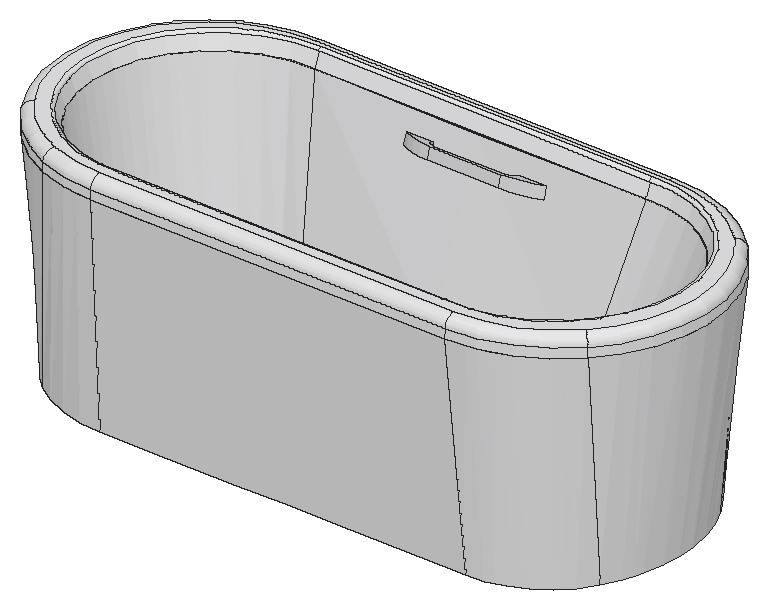
Revit family "Bath-Freestanding_Whirlpool-KOHLER-SAPPHIRE-K-18262T_1", category Plumbing Fixtures, host Face, Revit 2017
Family settings
  Host = Face
  Round Connector Dimension = Use Diameter
  Part Type = Normal
  OmniClass Number = 23.31.15.00
  OmniClass Title = Bathtubs
  Cut with Voids When Loaded = No
  Shared = No
  Room Calculation Point = No
Parameters (values of type "0-White")
  Width = 29.52756"  # constant formula
  WaterSense Certified = 1 = 0  # no
  Waste Water Outlet = "Waste Water Outlet"  # constant formula
  Waste Connection = 1 = 1  # yes
  Vent Connection = 1 = 0  # no
  URL = "http://www.kohler.com.cn/"
  Product Page URL = "https://www.kohler.com.cn/product/K-18262T-0/K-18262T-0/"
  Product Name = "SAPPHIRE"  # constant formula
  Product Documentation Link = "https://files.kohler.com.cn/pdfs/k_18262t.pdf"
  Model = "K-18262T-0"  # constant formula
  Material = "Acrylic"  # constant formula
  Master Format 2014 Name = "Residential Bathtubs"  # constant formula
  Master Format 2014 = "22 41 19"  # constant formula
  Manufacturer Address = "Kohler Beijing Office (100016)\r\n36-2-03-B, No. 88, Liuxiang Road, Beijing"  # constant formula
  Manufacturer = "KOHLER Co."  # constant formula
  Length = 65.35433"  # constant formula
  Hot Water Inlet = "Hot Water Inlet"  # constant formula
  Height = 24.52362"  # constant formula
  HW Connection = 1 = 0  # no
  Finish = KOHLER-Acrylic-0-White
  Environmental Product Declaration = ""
  Drain Included = 1 = 1  # yes
  Description = "Sophie Freestanding Bath (with drain)\r\n"  # constant formula
  Default Elevation = 0"
  Declare Label = ""
  Date Modified = "01/29/2021"  # constant formula
  Date Created = "01/29/2021"  # constant formula
  Copyright = "Copyright KOHLER Co."  # constant formula
  Contact Us = "http://www.kohler.com.cn/contact/contact-us/"
  Cold Water Inlet = "Cold Water Inlet"  # constant formula
  CW Connection = 1 = 0  # no
  Assembly Code = "D2010500"
  ADA Compliant = 1 = 0  # no
Reference planes (in)
  plane 1 "Center (Front/Back)": y = 0
  plane 2: z = 0
  plane 3 "Center (Left/Right)": x = 0
  plane 4: y = 14.76378
  plane 5: y = -14.76378
  plane 6: x = -32.67717
  plane 7: x = 32.67717
  plane 8: y = 8.46457
  plane 9: y = -8.46457
  plane 10: y = 11.90945
  plane 11: y = -11.90945
  plane 12: x = -17.91339
  plane 13: z = 24.52362
  plane 14: z = 0.70472
  plane 15: z = 22.55512
  plane 16: x = 17.91339
  plane 17: x = -25.54921
  plane 18: x = 25.54921
  plane 19: x = -21.49594
  plane 20: x = 19.44894
Dimensions and locks (in)
  plane 6 to plane 12 = 14.76378"  (x2)
  plane 13 to plane 15 = 1.9685"
  plane 8 to plane 9 = 16.92913"
  plane 13 to level = 24.52362"
  plane 17 to plane 18 = 51.09843"
  plane 10 to plane 11 = 23.8189"
  "Height": plane 13 to level
  plane 4 to plane 1 "Center (Front/Back)" = 14.76378"
  "Length": plane 6 to plane 7
  "Width": plane 4 to plane 5
  aligned and locked: plane 2 to host face
  aligned and locked: level to host face
Automatic sketch dimensions
  host sketch curve to host sketch curve = 96"  (x2)
Nested families (in)
  nested 1: "K-18262T" at (0, 0, 0), type "K-18262T"
Connectors (in)
  piping at (-17.91339, 0, 3.12583), diameter 1.9685, driven by "Waste Connection", driven by "Waste Water Outlet"
    settings: on nested 1, index 1, connector inside diameter 24", connector length 0", flow factor 0, pipe flow 0 GPM, pressure drop 0.00 psi, fitting loss kfactor 0, connector angle 0.00°, fixture units 0, engagement length 0", angle of deflection 0.00°, flow configuration 0, flow direction 2, fitting loss method 0, system type 16, joint type 0, gender type 0, connector reference index -1, connector utility 1, adjustable connector no, is connector primary yes, connector description "Waste Water Outlet"
Definition of nested family "K-18262T"
  Parameters (values of type "K-18262T")
    Material = none
  Reference planes (in)
    plane 1 "Center (Front/Back)": y = 0
    plane 2: z = 0
    plane 3 "Center (Left/Right)": x = 0
    plane 4: y = 14.76378
    plane 5: y = -14.76378
    plane 6: x = 32.67717
    plane 7: x = -32.67717
    plane 8: y = 11.90945
    plane 9: y = -11.90945
    plane 10: z = 24.52362
    plane 11: z = 0.70472
    plane 12: y = 8.46457
    plane 13: y = -8.46457
    plane 14: x = -25.54921
    plane 15: x = 25.54921
  Forms (in)
    Blend 1, void
      base sketch origin (0, 0, 0) x (1, 0, 0) y (0, 1, 0)
        loop
          arc (-16.30827, 9.31895) -> (-26.93995, -0.19682) -> (-16.17205, -9.55816) r 9.51314
          arc (-16.17205, -9.55816) -> (-2.05673, -8.48726) -> (12.08922, -9.01727) r 125.14888
          arc (12.08922, -9.01727) -> (22.00379, 0.02095) -> (12.0599, 9.0269) r 9.06354
          arc (12.0599, 9.0269) -> (-2.13205, 8.40921) -> (-16.30827, 9.31895) r 132.10619
      top sketch origin (0, 0, 0) x (1, 0, 0) y (0, 1, 0)
        loop
          arc (-17.07164, 12.0816) -> (-29.60246, -0.27947) -> (-16.43526, -11.96034) r 12.05187
          arc (-16.43526, -11.96034) -> (-0.29352, -11.20264) -> (15.84939, -11.93506) r 175.242
          arc (15.84939, -11.93506) -> (28.96617, -0.28184) -> (16.48691, 12.05168) r 12.02291
          arc (16.48691, 12.05168) -> (-0.29266, 11.73764) -> (-17.07164, 12.0816) r 428.04128
      from 5.40686 to 22.94882
    Blend 2, solid, material <- "Material", detail levels medium+fine
      base sketch origin (0, 0, 0) x (1, 0, 0) y (0, 1, 0)
        loop
          arc (-16.21489, 10.09961) -> (-27.45475, -0.36217) -> (-15.73453, -10.28284) r 10.26642
          arc (-15.73453, -10.28284) -> (-1.06176, -9.15644) -> (13.63203, -9.96359) r 111.99359
          arc (13.63203, -9.96359) -> (24.87793, -0.15723) -> (13.94994, 10.0022) r 10.03914
          arc (13.94994, 10.0022) -> (-1.13471, 9.35654) -> (-16.21489, 10.09961) r 164.15303
      top sketch origin (0, 0, 0) x (1, 0, 0) y (0, 1, 0)
        loop
          arc (-17.01, 12.56904) -> (-29.91071, -0.1727) -> (-16.71626, -12.61001) r 12.59843
          arc (-16.71626, -12.61001) -> (-0.11385, -12.21869) -> (16.48835, -12.61874) r 348.49799
          arc (16.48835, -12.61874) -> (29.68933, -0.18836) -> (16.79533, 12.56016) r 12.59843
          arc (16.79533, 12.56016) -> (-0.10739, 12.36344) -> (-17.01, 12.56904) r 710.23622
      from 4.43465 to 22.94882
    Sweep 3, solid, material <- "Material", detail levels medium+fine
      path origin (0, 0, 0) x (1, 0, 0) y (0, 1, 0)
        loop
          arc (12.53378, 9.07401) -> (-1.89395, 8.40698) -> (-16.30827, 9.31895) r 132.10619
          arc (-16.30827, 9.31895) -> (-26.93995, -0.19682) -> (-16.17205, -9.55816) r 9.51314
          arc (-16.17205, -9.55816) -> (-1.81951, -8.48295) -> (12.56157, -9.06273) r 125.14888
          arc (12.56157, -9.06273) -> (22.565, 0.02099) -> (12.53378, 9.07401) r 9.11333
      profile origin (22.565, 0.02099, 0) x (-0.999999, -0.001532, 0) y (0, 0, 1)
        loop
          arc (3.80304, 5.26951) -> (0.63643, 6.18509) -> (-1.39107, 8.78411) r 5.34565
          line (-1.39107, 8.78411) -> (-0.11186, 5.26951) -> (3.80304, 5.26951)
    Sweep 4, solid, material <- "Material", detail levels medium+fine
      path origin (0, 0, 0) x (1, 0, 0) y (0, 1, 0)
        loop
          arc (-16.43526, -11.96034) -> (-0.29352, -11.20264) -> (15.84939, -11.93506) r 175.242
          arc (15.84939, -11.93506) -> (28.96617, -0.28184) -> (16.48691, 12.05168) r 12.02291
          arc (16.48691, 12.05168) -> (-0.29266, 11.73764) -> (-17.07164, 12.0816) r 428.04128
          arc (-17.07164, 12.0816) -> (-29.60246, -0.27947) -> (-16.43526, -11.96034) r 12.05187
      profile origin (28.96617, -0.28184, 0) x (-0.999647, 0.026569, 0) y (0, 0, 1)
        loop
          arc (-0.52833, 24.27295) -> (-0.67309, 24.45366) -> (-0.8944, 24.52175) r 0.3937
          line (-0.8944, 24.52175) -> (-1.00886, 24.52175) -> (-1.00886, 22.94882) -> (-0.00423, 22.94882) -> (-0.52833, 24.27295)
    Extrusion 5, solid, material <- "Material", detail levels medium+fine
      sketch origin (0, 0, 0) x (1, 0, 0) y (0, 1, 0)
        loop
          line (-15.01574, -10.65548) -> (-7.07089, -10.65548) -> (-7.07089, 10.87498) -> (-15.01574, 10.87498) -> (-15.01574, -10.65548)
        loop
          line (15.01574, 10.87498) -> (7.07089, 10.87498) -> (7.07089, -10.65548) -> (15.01574, -10.65548) -> (15.01574, 10.87498)
      from 0.70472 to 1.33465
    Extrusion 6, solid, material <- "Material", detail levels medium+fine
      sketch origin (0, 0, 0) x (1, 0, 0) y (0, 1, 0)
        loop
          line (-25.82665, -5.01969) -> (-22.0865, -5.01969) -> (-22.0865, -9.74409) -> (-21.10224, -9.74409) -> (-21.10224, -5.01969) -> (18.85839, -5.01969) -> (18.85839, -9.74409) -> (19.84264, -9.74409) -> (19.84264, 9.74409) -> (18.85839, 9.74409) -> (18.85839, 5.01969) -> (-21.10224, 5.01969) -> (-21.10224, 9.74409) -> (-22.0865, 9.74409) -> (-22.0865, 5.01969) -> (-25.82665, 5.01969) -> (-25.82665, -5.01969)
        loop
          line (-0.43295, -4.03543) -> (-0.43295, 4.03543) -> (-24.8424, 4.03543) -> (-24.8424, -4.03543) -> (-0.43295, -4.03543)
        loop
          line (16.29933, -4.03543) -> (16.29933, 4.03543) -> (0.5513, 4.03543) -> (0.5513, -4.03543) -> (16.29933, -4.03543)
        loop
          line (17.28358, -4.03543) -> (18.85839, -4.03543) -> (18.85839, 4.03543) -> (17.28358, 4.03543) -> (17.28358, -4.03543)
      from 2.87008 to 3.85433
    Extrusion 7, solid, material <- "Material", detail levels medium+fine
      sketch origin (0, 0, 0) x (1, 0, 0) y (0, 0, 1)
        loop
          line (-22.62006, 0.11811) -> (-23.87783, 0.11811) -> (-23.87783, 0) -> (-22.51092, 0)
          arc (-22.51092, 0) -> (-22.47528, 0.01477) -> (-22.46051, 0.05041) r 0.05041
          line (-22.46051, 0.05041) -> (-22.46051, 1.25789)
          arc (-22.46051, 1.25789) -> (-22.44841, 1.28711) -> (-22.41919, 1.29921) r 0.04132
          line (-22.41919, 1.29921) -> (-20.57473, 1.29921)
          arc (-20.57473, 1.29921) -> (-20.54407, 1.28652) -> (-20.53138, 1.25586) r 0.04335
          line (-20.53138, 1.25586) -> (-20.53138, 0) -> (-19.11405, 0) -> (-19.11405, 0.11811) -> (-20.41327, 0.11811) -> (-20.41327, 1.41732) -> (-22.53629, 1.41732)
          arc (-22.53629, 1.41732) -> (-22.56622, 1.40492) -> (-22.57862, 1.37499) r 0.04233
          line (-22.57862, 1.37499) -> (-22.57862, 0.15954)
          arc (-22.57862, 0.15954) -> (-22.59076, 0.13025) -> (-22.62006, 0.11811) r 0.04143
        loop
          line (20.53161, 0.11811) -> (20.53161, 1.41732) -> (18.40854, 1.41732)
          arc (18.40854, 1.41732) -> (18.37864, 1.40494) -> (18.36626, 1.37504) r 0.04228
          line (18.36626, 1.37504) -> (18.36626, 0.16015)
          arc (18.36626, 0.16015) -> (18.35395, 0.13042) -> (18.32422, 0.11811) r 0.04204
          line (18.32422, 0.11811) -> (17.06705, 0.11811) -> (17.06705, 0) -> (18.44461, 0)
          arc (18.44461, 0) -> (18.47272, 0.01165) -> (18.48437, 0.03977) r 0.03977
          line (18.48437, 0.03977) -> (18.48437, 1.25983)
          arc (18.48437, 1.25983) -> (18.4959, 1.28768) -> (18.52375, 1.29921) r 0.03938
          line (18.52375, 1.29921) -> (20.37015, 1.29921)
          arc (20.37015, 1.29921) -> (20.40081, 1.28651) -> (20.4135, 1.25586) r 0.04336
          line (20.4135, 1.25586) -> (20.4135, 0) -> (21.83083, 0) -> (21.83083, 0.11811) -> (20.53161, 0.11811)
      from 7.67717 to 9.25197
    Revolve 8, solid, material <- "Material", detail levels medium+fine
      sketch origin (0.09843, 8.45953, 0.00674) x (1, 0, 0) y (0, 0, 1)
        loop
          line (-21.59437, 4.12992) -> (-21.59437, 0.31102) -> (-20.61012, 0.31102) -> (-20.61012, 0.81697)
          arc (-20.61012, 0.81697) -> (-20.64643, 0.90463) -> (-20.73409, 0.94094) r 0.12397
          line (-20.73409, 0.94094) -> (-21.04319, 0.94094) -> (-21.04319, 1) -> (-21.20719, 1) -> (-21.20719, 1.41732) -> (-21.40404, 1.41732) -> (-21.40404, 2.59449) -> (-21.24004, 2.59449) -> (-21.24004, 2.87008) -> (-21.10224, 2.87008) -> (-21.10224, 3.85433) -> (-21.40404, 3.85433) -> (-21.40404, 4.12992) -> (-21.59437, 4.12992)
        axis (-21.59437, 4.12992) -> (-21.59437, 0.31102)
      angle from 0 to 360
    Extrusion 9, solid, material <- "Material", detail levels medium+fine
      sketch origin (0, 0, 0) x (1, 0, 0) y (0, 0, -1)
        loop
          arc (-22.62006, -0.11811) -> (-22.59076, -0.13025) -> (-22.57862, -0.15954) r 0.04143
          line (-22.57862, -0.15954) -> (-22.57862, -1.37499)
          arc (-22.57862, -1.37499) -> (-22.56622, -1.40492) -> (-22.53629, -1.41732) r 0.04233
          line (-22.53629, -1.41732) -> (-20.41327, -1.41732) -> (-20.41327, -0.11811) -> (-19.11405, -0.11811) -> (-19.11405, 0) -> (-20.53138, 0) -> (-20.53138, -1.25586)
          arc (-20.53138, -1.25586) -> (-20.54407, -1.28652) -> (-20.57473, -1.29921) r 0.04335
          line (-20.57473, -1.29921) -> (-22.41919, -1.29921)
          arc (-22.41919, -1.29921) -> (-22.44841, -1.28711) -> (-22.46051, -1.25789) r 0.04132
          line (-22.46051, -1.25789) -> (-22.46051, -0.05041)
          arc (-22.46051, -0.05041) -> (-22.47528, -0.01477) -> (-22.51092, 0) r 0.05041
          line (-22.51092, 0) -> (-23.87783, 0) -> (-23.87783, -0.11811) -> (-22.62006, -0.11811)
        loop
          line (20.53161, -0.11811) -> (21.83083, -0.11811) -> (21.83083, 0) -> (20.4135, 0) -> (20.4135, -1.25586)
          arc (20.4135, -1.25586) -> (20.40081, -1.28651) -> (20.37015, -1.29921) r 0.04336
          line (20.37015, -1.29921) -> (18.52375, -1.29921)
          arc (18.52375, -1.29921) -> (18.4959, -1.28768) -> (18.48437, -1.25983) r 0.03938
          line (18.48437, -1.25983) -> (18.48437, -0.03977)
          arc (18.48437, -0.03977) -> (18.47272, -0.01165) -> (18.44461, 0) r 0.03977
          line (18.44461, 0) -> (17.06705, 0) -> (17.06705, -0.11811) -> (18.32422, -0.11811)
          arc (18.32422, -0.11811) -> (18.35395, -0.13042) -> (18.36626, -0.16015) r 0.04204
          line (18.36626, -0.16015) -> (18.36626, -1.37504)
          arc (18.36626, -1.37504) -> (18.37864, -1.40494) -> (18.40854, -1.41732) r 0.04228
          line (18.40854, -1.41732) -> (20.53161, -1.41732) -> (20.53161, -0.11811)
      from 7.67717 to 9.25197
    Revolve 10, solid, material <- "Material", detail levels medium+fine
      sketch origin (0.09843, -8.45953, 0.00674) x (1, 0, 0) y (0, 0, -1)
        loop
          line (-21.59437, -4.12992) -> (-21.40404, -4.12992) -> (-21.40404, -3.85433) -> (-21.10224, -3.85433) -> (-21.10224, -2.87008) -> (-21.24004, -2.87008) -> (-21.24004, -2.59449) -> (-21.40404, -2.59449) -> (-21.40404, -1.41732) -> (-21.20719, -1.41732) -> (-21.20719, -1) -> (-21.04319, -1) -> (-21.04319, -0.94094) -> (-20.73409, -0.94094)
          arc (-20.73409, -0.94094) -> (-20.64643, -0.90463) -> (-20.61012, -0.81697) r 0.12397
          line (-20.61012, -0.81697) -> (-20.61012, -0.31102) -> (-21.59437, -0.31102) -> (-21.59437, -4.12992)
        axis (-21.59437, -4.12992) -> (-21.59437, -0.31102)
      angle from 0 to 360
    Revolve 11, solid, material <- "Material", detail levels medium+fine
      sketch origin (-2.14075, 8.45953, 0.00674) x (-1, 0, 0) y (0, 0, -1)
        loop
          line (-21.59437, -4.12992) -> (-21.40404, -4.12992) -> (-21.40404, -3.85433) -> (-21.10224, -3.85433) -> (-21.10224, -2.87008) -> (-21.24004, -2.87008) -> (-21.24004, -2.59449) -> (-21.40404, -2.59449) -> (-21.40404, -1.41732) -> (-21.20719, -1.41732) -> (-21.20719, -1) -> (-21.04319, -1) -> (-21.04319, -0.94094) -> (-20.73409, -0.94094)
          arc (-20.73409, -0.94094) -> (-20.64643, -0.90463) -> (-20.61012, -0.81697) r 0.12397
          line (-20.61012, -0.81697) -> (-20.61012, -0.31102) -> (-21.59437, -0.31102) -> (-21.59437, -4.12992)
        axis (-21.59437, -4.12992) -> (-21.59437, -0.31102)
      angle from 0 to 360
    Revolve 12, solid, material <- "Material", detail levels medium+fine
      sketch origin (-2.14075, -8.45953, 0.00674) x (-1, 0, 0) y (0, 0, 1)
        loop
          line (-21.59437, 4.12992) -> (-21.59437, 0.31102) -> (-20.61012, 0.31102) -> (-20.61012, 0.81697)
          arc (-20.61012, 0.81697) -> (-20.64643, 0.90463) -> (-20.73409, 0.94094) r 0.12397
          line (-20.73409, 0.94094) -> (-21.04319, 0.94094) -> (-21.04319, 1) -> (-21.20719, 1) -> (-21.20719, 1.41732) -> (-21.40404, 1.41732) -> (-21.40404, 2.59449) -> (-21.24004, 2.59449) -> (-21.24004, 2.87008) -> (-21.10224, 2.87008) -> (-21.10224, 3.85433) -> (-21.40404, 3.85433) -> (-21.40404, 4.12992) -> (-21.59437, 4.12992)
        axis (-21.59437, 4.12992) -> (-21.59437, 0.31102)
      angle from 0 to 360
    Revolve 13, solid, detail levels medium+fine
      sketch origin (0, 0, 0) x (1, 0, 0) y (0, 0, 1)
        loop
          line (-18.54331, 5.25575) -> (-18.54331, 5.17701) -> (-18.07087, 5.17701) -> (-18.07087, 3.62189) -> (-18.00546, 3.62189) -> (-18.00546, 3.22819) -> (-18.07087, 3.22819) -> (-18.07087, 3.12583) -> (-17.91339, 3.12583) -> (-17.91339, 5.63394)
          arc (-17.91339, 5.63394) -> (-18.41722, 5.59489) -> (-18.90902, 5.47865) r 3.2694
          arc (-18.90902, 5.47865) -> (-18.92503, 5.45273) -> (-18.90189, 5.43291) r 0.02343
          line (-18.90189, 5.43291) -> (-18.47788, 5.43291) -> (-18.47788, 5.25575) -> (-18.54331, 5.25575)
        axis (-17.91339, 3.12583) -> (-17.91339, 5.63394)
      angle from 0 to 360
    Revolve 14, solid, material <- "Material", detail levels medium+fine
      sketch origin (-17.91339, 0, 0) x (0, 1, 0) y (0, 0, 1)
        loop
          line (0.98425, 4.24803) -> (1.14, 4.24803) -> (1.14, 4.31048)
          arc (1.14, 4.31048) -> (1.18016, 4.40149) -> (1.27446, 4.43318) r 0.12321
          arc (1.27446, 4.43318) -> (1.37463, 4.42897) -> (1.47472, 4.43465) r 1.01628
          arc (1.47472, 4.43465) -> (1.94132, 4.54269) -> (2.36819, 4.75984) r 1.97543
          line (2.36819, 4.75984) -> (2.36819, 4.43465) -> (2.71273, 4.43465) -> (2.71273, 4.94367) -> (2.4076, 4.94367)
          arc (2.4076, 4.94367) -> (2.24222, 4.90387) -> (2.09197, 4.82414) r 0.67769
          arc (2.09197, 4.82414) -> (1.80826, 4.67595) -> (1.49567, 4.60711) r 1.21315
          line (1.49567, 4.60711) -> (1.05688, 4.56996)
          arc (1.05688, 4.56996) -> (1.00517, 4.5446) -> (0.98425, 4.49093) r 0.07931
          line (0.98425, 4.49093) -> (0.98425, 4.24803)
        axis (0, 4.94367) -> (0, 4.24803)
      angle from 0 to 360
    Extrusion 15, solid, detail levels medium+fine
      sketch origin (-0.02489, 4.25602, 4.19691) x (-1, 0, 0) y (0, -0.26231, 0.964984)
        loop
          arc (0.4635, 21.76613) -> (0, 21.83974) -> (-0.4635, 21.76613) r 1.49606
          arc (-0.4635, 21.76613) -> (-0.6823, 21.52546) -> (-1.00013, 21.45631) r 0.53418
          arc (-1.00013, 21.45631) -> (-1.30556, 21.07424) -> (-1.47143, 20.61407) r 1.49606
          arc (-1.47143, 20.61407) -> (-1.4267, 20.34368) -> (-1.47143, 20.07329) r 0.83965
          arc (-1.47143, 20.07329) -> (0, 18.84762) -> (1.47143, 20.07329) r 1.49606
          arc (1.47143, 20.07329) -> (1.4267, 20.34368) -> (1.47143, 20.61407) r 0.83965
          arc (1.47143, 20.61407) -> (1.30556, 21.07424) -> (1.00013, 21.45631) r 1.49606
          arc (1.00013, 21.45631) -> (0.6823, 21.52546) -> (0.4635, 21.76613) r 0.53418
      from -11.00218 to -9.69597
    Extrusion 16, solid, detail levels medium+fine
      sketch origin (0, -5.36509, 3.8347) x (1, 0, 0) y (0, 0.961262, -0.275637)
        loop
          line (-4.36807, 11.17133) -> (-7.04724, 11.16849)
          arc (-7.04724, 11.16849) -> (-5.46975, 10.23333) -> (-3.67359, 9.86344) r 5.54868
          arc (-3.67359, 9.86344) -> (-0.08182, 9.79684) -> (3.50995, 9.86344) r 96.88567
          arc (3.50995, 9.86344) -> (5.38268, 10.23384) -> (7.04724, 11.16849) r 6.05938
          line (7.04724, 11.16849) -> (4.36807, 11.17133)
          arc (4.36807, 11.17133) -> (4.17508, 10.49004) -> (3.53191, 10.19384) r 0.84638
          line (3.53191, 10.19384) -> (-3.53191, 10.19384)
          arc (-3.53191, 10.19384) -> (-4.17508, 10.49004) -> (-4.36807, 11.17133) r 0.84638
      from 20.05972 to 21.20549
    Blend 17, solid, material <- "Material", detail levels medium+fine
      base sketch origin (-0.12245, -0.18978, 0) x (1, 0, 0) y (0, 1, 0)
        loop
          arc (-26.39009, 10.27682) -> (-28.74274, 7.42461) -> (-29.68879, 3.8504) r 8.646
          arc (-29.68879, 3.8504) -> (-29.77211, 0) -> (-29.68879, -3.8504) r 89.00569
          arc (-29.68879, -3.8504) -> (-28.74274, -7.42461) -> (-26.39009, -10.27682) r 8.646
          arc (-26.39009, -10.27682) -> (-22.64606, -12.31833) -> (-18.44051, -13.02467) r 12.87308
          line (-18.44051, -13.02467) -> (18.56736, -13.02467)
          arc (18.56736, -13.02467) -> (23.93674, -11.58421) -> (27.86416, -7.64968) r 10.72755
          arc (27.86416, -7.64968) -> (29.90893, 0) -> (27.86416, 7.64968) r 15.33141
          arc (27.86416, 7.64968) -> (23.93674, 11.58421) -> (18.56736, 13.02467) r 10.72755
          line (18.56736, 13.02467) -> (-18.44051, 13.02467)
          arc (-18.44051, 13.02467) -> (-22.64606, 12.31833) -> (-26.39009, 10.27682) r 12.87308
      top sketch origin (-0.12245, -0.18978, 0) x (1, 0, 0) y (0, 1, 0)
        loop
          line (-17.91339, -14.76378) -> (17.91338, -14.76378)
          arc (17.91338, -14.76378) -> (23.74793, -13.55501) -> (28.62201, -10.1277) r 14.68568
          arc (28.62201, -10.1277) -> (32.62997, 0) -> (28.62201, 10.1277) r 14.79981
          arc (28.62201, 10.1277) -> (23.74793, 13.55501) -> (17.91338, 14.76378) r 14.68568
          line (17.91338, 14.76378) -> (-17.91339, 14.76378)
          arc (-17.91339, 14.76378) -> (-21.65858, 14.2846) -> (-25.1625, 12.87793) r 14.87553
          arc (-25.1625, 12.87793) -> (-27.90852, 10.90545) -> (-30.1382, 8.36383) r 14.87553
          arc (-30.1382, 8.36383) -> (-32.75397, 0) -> (-30.1382, -8.36383) r 14.6794
          arc (-30.1382, -8.36383) -> (-27.28816, -11.43793) -> (-23.69363, -13.59482) r 14.87553
          arc (-23.69363, -13.59482) -> (-20.86201, -14.46861) -> (-17.91339, -14.76378) r 14.87553
      from 0.64125 to 22.55512
    Blend 18, void
      base sketch origin (-0.12245, -0.45171, 0) x (1, 0, 0) y (0, 1, 0)
        loop
          arc (-17.55334, 11.97533) -> (-29.10202, 0.42666) -> (-17.55334, -11.12202) r 11.54868
          line (-17.55334, -11.12202) -> (17.52826, -11.12202)
          arc (17.52826, -11.12202) -> (29.07694, 0.42666) -> (17.52826, 11.97533) r 11.54868
          line (17.52826, 11.97533) -> (-17.55334, 11.97533)
      top sketch origin (-0.12245, -0.45171, 0) x (1, 0, 0) y (0, 1, 0)
        loop
          arc (17.09113, -13.83102) -> (31.04364, 0.12149) -> (17.09113, 14.074) r 13.95251
          line (17.09113, 14.074) -> (-17.73449, 14.074)
          arc (-17.73449, 14.074) -> (-31.687, 0.12149) -> (-17.73449, -13.83102) r 13.95251
          line (-17.73449, -13.83102) -> (17.09113, -13.83102)
      from 0.64125 to 22.55512
    Sweep 19, solid, material <- "Material", detail levels medium+fine
      path origin (0, 0, 0) x (1, 0, 0) y (0, 1, 0)
        loop
          arc (-18.03584, 14.574) -> (-21.78103, 14.09482) -> (-25.28495, 12.68815) r 14.87553
          arc (-25.28495, 12.68815) -> (-28.03097, 10.71567) -> (-30.26065, 8.17404) r 14.87553
          arc (-30.26065, 8.17404) -> (-32.87642, -0.18978) -> (-30.26065, -8.55361) r 14.6794
          arc (-30.26065, -8.55361) -> (-27.41061, -11.62771) -> (-23.81608, -13.78461) r 14.87553
          arc (-23.81608, -13.78461) -> (-20.98447, -14.65839) -> (-18.03584, -14.95356) r 14.87553
          line (-18.03584, -14.95356) -> (17.79093, -14.95356)
          arc (17.79093, -14.95356) -> (23.62548, -13.7448) -> (28.49956, -10.31749) r 14.68568
          arc (28.49956, -10.31749) -> (32.50752, -0.18978) -> (28.49956, 9.93792) r 14.79981
          arc (28.49956, 9.93792) -> (23.62548, 13.36523) -> (17.79093, 14.574) r 14.68568
          line (17.79093, 14.574) -> (-18.03584, 14.574)
      profile origin (32.50752, -0.18978, 0) x (-1, 0, 0) y (0, 0, 1)
        loop
          line (1.09481, 22.55512) -> (1.09481, 24.52175)
          arc (1.09481, 24.52175) -> (0.35708, 24.22567) -> (0.02874, 23.50171) r 1.06711
          line (0.02874, 23.50171) -> (-0.01305, 22.55512) -> (1.09481, 22.55512)
    Extrusion 20, solid, material <- "Material", detail levels medium+fine
      sketch origin (0, 0, 0) x (1, 0, 0) y (0, 1, 0)
        loop
          arc (17.79093, -13.85875) -> (23.19052, -12.7401) -> (27.70123, -9.56829) r 13.59087
          arc (27.70123, -9.56829) -> (31.41271, -0.18978) -> (27.70123, 9.18873) r 13.705
          arc (27.70123, 9.18873) -> (23.19052, 12.36053) -> (17.79093, 13.47919) r 13.59087
          line (17.79093, 13.47919) -> (-18.03584, 13.47919)
          arc (-18.03584, 13.47919) -> (-21.50539, 13.03527) -> (-24.75143, 11.73213) r 13.78072
          arc (-24.75143, 11.73213) -> (-27.29535, 9.90482) -> (-29.36092, 7.55026) r 13.78072
          arc (-29.36092, 7.55026) -> (-31.7816, -0.18978) -> (-29.36092, -7.92982) r 13.58458
          arc (-29.36092, -7.92982) -> (-26.72064, -10.77767) -> (-23.39066, -12.77583) r 13.78072
          arc (-23.39066, -12.77583) -> (-20.76745, -13.58531) -> (-18.03584, -13.85875) r 13.78072
          line (-18.03584, -13.85875) -> (17.79093, -13.85875)
        loop
          arc (-17.03119, 13.08966) -> (-30.61097, -0.30616) -> (-16.34155, -12.96484) r 13.06073
          arc (-16.34155, -12.96484) -> (-0.29273, -12.21151) -> (15.75724, -12.93971) r 174.23314
          arc (15.75724, -12.93971) -> (29.97467, -0.30864) -> (16.44826, 13.0598) r 13.03177
          arc (16.44826, 13.0598) -> (-0.29176, 12.7465) -> (-17.03119, 13.08966) r 427.03242
      from 22.55512 to 24.52175
    Sweep 21, solid, material <- "Material", detail levels coarse
      path origin (0, 0, 0) x (1, 0, 0) y (0, 1, 0)
        loop
          arc (-18.03584, 14.574) -> (-21.78103, 14.09482) -> (-25.28495, 12.68815) r 14.87553
          arc (-25.28495, 12.68815) -> (-28.03097, 10.71567) -> (-30.26065, 8.17404) r 14.87553
          arc (-30.26065, 8.17404) -> (-32.87642, -0.18978) -> (-30.26065, -8.55361) r 14.6794
          arc (-30.26065, -8.55361) -> (-27.41061, -11.62771) -> (-23.81608, -13.78461) r 14.87553
          arc (-23.81608, -13.78461) -> (-20.98447, -14.65839) -> (-18.03584, -14.95356) r 14.87553
          line (-18.03584, -14.95356) -> (17.79093, -14.95356)
          arc (17.79093, -14.95356) -> (23.62548, -13.7448) -> (28.49956, -10.31749) r 14.68568
          arc (28.49956, -10.31749) -> (32.50752, -0.18978) -> (28.49956, 9.93792) r 14.79981
          arc (28.49956, 9.93792) -> (23.62548, 13.36523) -> (17.79093, 14.574) r 14.68568
          line (17.79093, 14.574) -> (-18.03584, 14.574)
      profile origin (32.50752, -0.18978, 0) x (-1, 0, 0) y (0, 0, 1)
        loop
          line (2.34719, 0.48216) -> (12.69369, 0.48216) -> (12.69369, 3.43491) -> (5.51496, 3.43491) -> (3.06058, 24.7186) -> (-0.4477, 24.7186) -> (2.34719, 0.48216)
    Extrusion 22, solid, material <- "Material", detail levels coarse
      sketch origin (0, 0, 0) x (1, 0, 0) y (0, 1, 0)
        loop
          line (17.79093, 1.88031) -> (-18.03584, 1.88031)
          arc (-18.03584, 1.88031) -> (-18.58516, 1.81003) -> (-19.09909, 1.60371) r 2.18184
          arc (-19.09909, 1.60371) -> (-19.50186, 1.3144) -> (-19.82889, 0.94161) r 2.18184
          arc (-19.82889, 0.94161) -> (-20.18273, -0.18978) -> (-19.82889, -1.32117) r 1.98571
          arc (-19.82889, -1.32117) -> (-19.41087, -1.77206) -> (-18.88364, -2.08842) r 2.18184
          arc (-18.88364, -2.08842) -> (-18.46832, -2.21658) -> (-18.03584, -2.25988) r 2.18184
          line (-18.03584, -2.25988) -> (17.79093, -2.25988)
          arc (17.79093, -2.25988) -> (18.58234, -2.09592) -> (19.24347, -1.63103) r 1.992
          arc (19.24347, -1.63103) -> (19.81383, -0.18978) -> (19.24347, 1.25146) r 2.10612
          arc (19.24347, 1.25146) -> (18.58234, 1.71635) -> (17.79093, 1.88031) r 1.992
      from 0.48216 to 3.43491
  Cuts and joins
    Blend 1 cuts Blend 2
    Blend 18 cuts Blend 17
    joined: Sweep 4, Sweep 19, Extrusion 20
    joined: Sweep 21, Extrusion 22
  Lines and regions (in)
    Masking region 1
      outline origin (0, 0, 0) x (1, 0, 0) y (0, 1, 0)
        loop
          arc (-25.29131, 12.69954) -> (-28.03974, 10.72533) -> (-30.27137, 8.18148) r 14.88858
          arc (-30.27137, 8.18148) -> (-32.88947, -0.18978) -> (-30.27137, -8.56104) r 14.69245
          arc (-30.27137, -8.56104) -> (-27.41883, -11.63784) -> (-23.82115, -13.79663) r 14.88858
          arc (-23.82115, -13.79663) -> (-20.98705, -14.67119) -> (-18.03584, -14.96661) r 14.88858
          line (-18.03584, -14.96661) -> (17.79093, -14.96661)
          arc (17.79093, -14.96661) -> (23.63067, -13.75677) -> (28.50907, -10.32642) r 14.69873
          arc (28.50907, -10.32642) -> (32.52057, -0.18978) -> (28.50907, 9.94685) r 14.81286
          arc (28.50907, 9.94685) -> (23.63067, 13.37721) -> (17.79093, 14.58705) r 14.69873
          line (17.79093, 14.58705) -> (-18.03584, 14.58705)
          arc (-18.03584, 14.58705) -> (-21.78432, 14.10745) -> (-25.29131, 12.69954) r 14.88858
    Masking region 2
      outline origin (0, 0, 0) x (1, 0, 0) y (0, 0, 1)
        loop
          line (-29.89456, 0.64125) -> (-22.57862, 0.64125) -> (-22.57862, 0.15954)
          arc (-22.57862, 0.15954) -> (-22.59076, 0.13025) -> (-22.62006, 0.11811) r 0.04143
          line (-22.62006, 0.11811) -> (-23.87783, 0.11811) -> (-23.87783, 0) -> (-22.51092, 0)
          arc (-22.51092, 0) -> (-22.47528, 0.01477) -> (-22.46051, 0.05041) r 0.05041
          line (-22.46051, 0.05041) -> (-22.46051, 0.31776) -> (-20.53138, 0.31776) -> (-20.53138, 0) -> (-19.11405, 0) -> (-19.11405, 0.11811) -> (-20.41327, 0.11811) -> (-20.41327, 0.64125) -> (18.36626, 0.64125) -> (18.36626, 0.16015)
          arc (18.36626, 0.16015) -> (18.35395, 0.13042) -> (18.32422, 0.11811) r 0.04204
          line (18.32422, 0.11811) -> (17.06705, 0.11811) -> (17.06705, 0) -> (18.44461, 0)
          arc (18.44461, 0) -> (18.47272, 0.01165) -> (18.48437, 0.03977) r 0.03977
          line (18.48437, 0.03977) -> (18.48437, 0.31776) -> (20.4135, 0.31776) -> (20.4135, 0) -> (21.83083, 0) -> (21.83083, 0.11811) -> (20.53161, 0.11811) -> (20.53161, 0.64125) -> (29.78648, 0.64125) -> (32.52057, 22.55512) -> (32.46963, 23.52704)
          arc (32.46963, 23.52704) -> (32.14334, 24.23482) -> (31.41946, 24.52362) r 1.05162
          line (31.41946, 24.52362) -> (-31.88976, 24.52362)
          arc (-31.88976, 24.52362) -> (-32.55514, 24.20308) -> (-32.84556, 23.52402) r 1.05147
          line (-32.84556, 23.52402) -> (-32.88947, 22.55512) -> (-29.89456, 0.64125)
    Masking region 3
      outline origin (0, 0, 0) x (0, 1, 0) y (0, 0, 1)
        loop
          line (13.55319, 24.52362) -> (-13.94689, 24.52362)
          arc (-13.94689, 24.52362) -> (-14.63605, 24.21098) -> (-14.93416, 23.51541) r 1.04636
          line (-14.93416, 23.51541) -> (-14.9677, 22.55512) -> (-13.22858, 0.64125) -> (-9.44378, 0.64125) -> (-9.44378, 0.31776) -> (-9.25197, 0.31776) -> (-9.25197, 0) -> (-7.67717, 0) -> (-7.67717, 0.31776) -> (-7.47528, 0.31776) -> (-7.47528, 0.63918) -> (7.47528, 0.63918) -> (7.47528, 0.31776) -> (7.67717, 0.31776) -> (7.67717, 0) -> (9.25197, 0) -> (9.25197, 0.31776) -> (9.44378, 0.31776) -> (9.44378, 0.64125) -> (12.83488, 0.64125) -> (14.574, 22.55512) -> (14.54046, 23.51541)
          arc (14.54046, 23.51541) -> (14.24235, 24.21098) -> (13.55319, 24.52362) r 1.04636
    symbolic lines, detail levels medium+fine
      curve 1: arc (16.1726, 12.03975, 0) -> (-0.60738, 11.73804, 0) -> (-17.38629, 12.09434, 0) r 428.04128
      curve 2: arc (-16.43487, -11.96455, 0) -> (-29.60149, -0.43697, 0) -> (-17.38629, 12.09434, 0) r 12.0561
      curve 3: arc (-16.43487, -11.96455, 0) -> (-0.29352, -11.20687, 0) -> (15.849, -11.93928, 0) r 175.23777
      curve 4: arc (16.1726, 12.03975, 0) -> (28.97354, -0.1247, 0) -> (15.849, -11.93928, 0) r 12.02714
      curve 9: arc (-18.03584, 13.47919, 0) -> (-21.50539, 13.03527, 0) -> (-24.75143, 11.73213, 0) r 13.78072
      curve 10: arc (-24.75143, 11.73213, 0) -> (-27.29535, 9.90482, 0) -> (-29.36092, 7.55026, 0) r 13.78072
      curve 11: arc (-29.36092, 7.55026, 0) -> (-31.7816, -0.18978, 0) -> (-29.36092, -7.92982, 0) r 13.58458
      curve 12: arc (-29.36092, -7.92982, 0) -> (-27.44411, -10.14742, 0) -> (-25.10165, -11.90945, 0) r 13.78072
      curve 13: arc (27.70123, -9.56829, 0) -> (31.41271, -0.18978, 0) -> (27.70123, 9.18873, 0) r 13.705
      curve 14: arc (27.70123, 9.18873, 0) -> (23.19052, 12.36053, 0) -> (17.79093, 13.47919, 0) r 13.59087
      curve 15: arc (-17.00017, 6.83368, 0) -> (-1.64584, 6.13531, 0) -> (13.70849, 6.83368, 0) r 169.1386
      curve 16: arc (-17.00017, -6.83368, 0) -> (-1.64584, -6.13531, 0) -> (13.70849, -6.83368, 0) r 169.1386
      curve 17: arc (-17.00017, -6.83368, 0) -> (-24.48511, 0, 0) -> (-17.00017, 6.83368, 0) r 6.86202
      curve 18: arc (13.70849, 6.83368, 0) -> (21.19344, 0, 0) -> (13.70849, -6.83368, 0) r 6.86202
      curve 20: spline (-7.04724, 11.21578, 0) -> (-6.80726, 11.03171, 0) -> (-6.55706, 10.86069, 0) -> (-6.2974, 10.70323, 0) -> (-6.02907, 10.55982, 0) -> (-5.75291, 10.43089, 0) -> (-5.46975, 10.31684, 0) -> (-5.18046, 10.21803, 0) -> (-4.88593, 10.13474, 0) -> (-4.58705, 10.06724, 0) -> (-4.28475, 10.01573, 0) -> (-3.97995, 9.98038, 0) -> (-3.67359, 9.96128, 0)
      curve 21: spline (-3.53191, 10.27889, 0) -> (-3.65325, 10.28729, 0) -> (-3.77209, 10.31233, 0) -> (-3.88596, 10.35349, 0) -> (-3.99252, 10.40992, 0) -> (-4.08956, 10.48044, 0) -> (-4.17508, 10.56362, 0) -> (-4.24731, 10.65772, 0) -> (-4.30476, 10.7608, 0) -> (-4.34624, 10.87073, 0) -> (-4.3709, 10.98525, 0) -> (-4.37823, 11.10198, 0) -> (-4.36807, 11.21851, 0)
      curve 22: spline (-3.67359, 9.64547, 0) -> (-3.97995, 9.66456, 0) -> (-4.28475, 9.69992, 0) -> (-4.58705, 9.75142, 0) -> (-4.88593, 9.81892, 0) -> (-5.18046, 9.90221, 0) -> (-5.46975, 10.00103, 0) -> (-5.75291, 10.11508, 0) -> (-6.02907, 10.244, 0) -> (-6.2974, 10.38742, 0) -> (-6.55706, 10.54487, 0) -> (-6.80726, 10.7159, 0) -> (-7.04724, 10.89996, 0)
      curve 23: spline (3.50995, 9.64547, 0) -> (2.91153, 9.62591, 0) -> (2.313, 9.6099, 0) -> (1.71437, 9.59745, 0) -> (1.11568, 9.58856, 0) -> (0.51694, 9.58323, 0) -> (-0.08182, 9.58145, 0) -> (-0.68058, 9.58323, 0) -> (-1.27932, 9.58856, 0) -> (-1.87801, 9.59745, 0) -> (-2.47664, 9.6099, 0) -> (-3.07517, 9.62591, 0) -> (-3.67359, 9.64547, 0)
      curve 24: line (3.53191, 10.27889, 0) -> (-3.53191, 10.27889, 0)
      curve 25: spline (4.36807, 11.21851, 0) -> (4.37823, 11.10198, 0) -> (4.3709, 10.98525, 0) -> (4.34624, 10.87073, 0) -> (4.30476, 10.7608, 0) -> (4.24731, 10.65772, 0) -> (4.17508, 10.56362, 0) -> (4.08956, 10.48044, 0) -> (3.99252, 10.40992, 0) -> (3.88596, 10.35349, 0) -> (3.77209, 10.31233, 0) -> (3.65325, 10.28729, 0) -> (3.53191, 10.27889, 0)
      curve 26: line (7.04724, 11.21578, 0) -> (4.36807, 11.21851, 0)
      curve 27: spline (3.50995, 9.96128, 0) -> (3.82877, 9.98075, 0) -> (4.14608, 10.01635, 0) -> (4.46099, 10.06797, 0) -> (4.77264, 10.13547, 0) -> (5.08016, 10.21867, 0) -> (5.38268, 10.31733, 0) -> (5.67938, 10.43119, 0) -> (5.96942, 10.55991, 0) -> (6.252, 10.70315, 0) -> (6.52633, 10.86051, 0) -> (6.79166, 11.03154, 0) -> (7.04724, 11.21578, 0)
      curve 28: spline (7.04724, 10.89997, 0) -> (6.79166, 10.71573, 0) -> (6.52633, 10.54469, 0) -> (6.252, 10.38733, 0) -> (5.96942, 10.24409, 0) -> (5.67938, 10.11537, 0) -> (5.38268, 10.00152, 0) -> (5.08016, 9.90286, 0) -> (4.77264, 9.81966, 0) -> (4.46099, 9.75215, 0) -> (4.14608, 9.70053, 0) -> (3.82877, 9.66494, 0) -> (3.50995, 9.64547, 0)
      curve 29: line (-4.36807, 11.21851, 0) -> (-7.04724, 11.21578, 0)
      curve 30: arc (-12.81484, 13.47919, 0) -> (0.96469, 14.16812, 0) -> (14.74421, 13.47919, 0) r 138.14862
      curve 31: arc (-12.81484, 13.47919, 0) -> (0.96469, 12.88186, 0) -> (14.74421, 13.47919, 0) r 159.23713
      curve 32: line (-18.03584, 13.47919, 0) -> (-12.81484, 13.47919, 0)
      curve 33: line (17.79093, 13.47919, 0) -> (14.74421, 13.47919, 0)
      curve 34: arc (-12.81484, -13.47919, 0) -> (0.96469, -14.16812, 0) -> (14.74421, -13.47919, 0) r 138.14862
      curve 35: arc (-12.81484, -13.47919, 0) -> (0.96469, -12.88186, 0) -> (14.74421, -13.47919, 0) r 159.23713
      curve 36: line (-18.03584, -13.47919, 0) -> (-12.81484, -13.47919, 0)
      curve 37: line (17.79093, -13.47919, 0) -> (14.74421, -13.47919, 0)
      curve 38: line (-7.04724, 11.21578, 0) -> (-7.04724, 10.89996, 0)
      curve 39: line (3.50995, 9.96128, 0) -> (-3.67359, 9.96128, 0)
      curve 40: line (7.04724, 11.21578, 0) -> (7.04724, 10.89997, 0)
      curve 41: arc (27.70123, -9.56829, 0) -> (23.11797, -12.4661, 0) -> (17.79093, -13.47919, 0) r 14.51192
      curve 42: arc (-25.10165, -11.90945, 0) -> (-21.65488, -13.08202, 0) -> (-18.03584, -13.47919, 0) r 16.68746
      curve 43: line (-22.57862, 0, 0.64125) -> (-20.41327, 0, 0.64125)
      curve 44: line (18.36626, 0, 0.64125) -> (20.53161, 0, 0.64125)
      curve 45: line (-22.46051, 0, 0.31776) -> (-20.53138, 0, 0.31776)
      curve 46: line (18.48437, 0, 0.31776) -> (20.4135, 0, 0.31776)
      curve 47: line (18.48437, 0, 0.31776) -> (18.48437, 0, 0.64125)
      curve 48: line (20.4135, 0, 0.31776) -> (20.4135, 0, 0.64125)
      curve 49: line (-22.46051, 0, 0.31776) -> (-22.46051, 0, 0.64125)
      curve 50: line (-20.53138, 0, 0.31776) -> (-20.53138, 0, 0.64125)
      curve 51: line (32.52057, 0, 22.55512) -> (-32.88947, 0, 22.55512)
      curve 52: line (-16.59437, 0, 0.70472) -> (-12.74156, 0, 22.55512)
      curve 53: line (16.59437, 0, 0.70472) -> (12.74156, 0, 22.55512)
      curve 54: line (-15.7782, 0, 5.33343) -> (15.7782, 0, 5.33343)
      curve 55: line (-15.91493, 0, 4.558) -> (15.91493, 0, 4.558)
      curve 56: arc (-12.59843, 0, 24.52362) -> (-0.3937, 0, 23.88935) -> (11.81102, 0, 24.52362) r 117.73904
      curve 57: line (0, 9.25197, 0.11811) -> (0, 7.67717, 0.11811)
      curve 58: line (0, -7.67717, 0.11811) -> (0, -9.25197, 0.11811)
      curve 59: line (0, 9.44378, 0.64125) -> (0, 7.45989, 0.64125)
      curve 60: line (0, -7.47528, 0.63918) -> (0, -9.44378, 0.64125)
      curve 61: line (0, 9.25197, 0.31776) -> (0, 9.25197, 0.64125)
      curve 62: line (0, 7.67717, 0.31776) -> (0, 7.67717, 0.64125)
      curve 63: line (0, -7.67717, 0.31776) -> (0, -7.67717, 0.63939)
      curve 64: line (0, -9.25197, 0.31776) -> (0, -9.25197, 0.64105)
      curve 65: line (0, 14.58705, 22.55512) -> (0, -14.96661, 22.55512)
    symbolic lines
      curve 5: arc (16.48835, -12.61874, 0) -> (29.68933, -0.18836, 0) -> (16.79533, 12.56016, 0) r 12.59843
      curve 6: arc (16.79533, 12.56016, 0) -> (-0.10739, 12.36344, 0) -> (-17.01, 12.56904, 0) r 710.23622
      curve 7: arc (-17.01, 12.56904, 0) -> (-29.91071, -0.1727, 0) -> (-16.71626, -12.61001, 0) r 12.59843
      curve 8: arc (-16.71626, -12.61001, 0) -> (-0.11385, -12.21869, 0) -> (16.48835, -12.61874, 0) r 348.49799
      curve 19: circle (-17.91339, 0, 0) r 0.98425 normal (0, 0, 1)
  Dimensions and locks (in)
    plane 7 to plane 6 = 65.35433"
    plane 5 to plane 4 = 29.52756"
    plane 8 to plane 9 = 23.8189"
    plane 10 to level = 24.52362"
    plane 11 to level = 0.70472"
    plane 12 to plane 13 = 16.92913"
    plane 14 to plane 15 = 51.09843"
    aligned and locked: plane 2 to level
